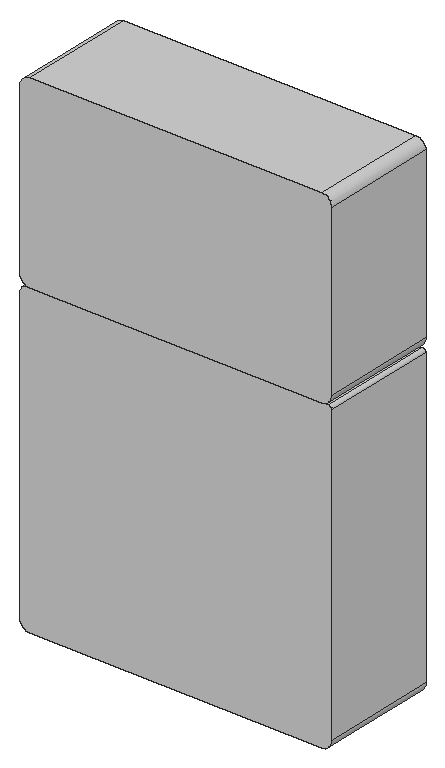
Revit family "Building-IEC309Boards-GEWISS-68QDIN-DISTRIBUTION-BOARD-14MOD_6SOCKET-OUTLETS", category Attrezzatura elettrica, host Muro, Revit 2016
Family settings
  Host = Muro
  Configurazione quadro = Due colonne, circuiti in orizzontale
  Tipo di parte = Pannello comandi
  Quota connettore circolare = Usa diametro
  Numero OmniClass = 23.80.30.11.17
  Titolo OmniClass = Distribution Boards and Control Panels
  Sempre verticale = Sì
  Taglio con vuoti quando caricato = No
  Condiviso = No
  Punto di calcolo locali = No
Parameters (values of type "GW68008N - Q-DIN 14M 6 FLANGES S.O.16/32A IP65")
  potenza = 400 V
  Voltaggio = "400V"
  Vista di pianta [instance] = yes
  Vetro = GEWISS - vetro
  Version type = "Empty"
  Version file RFA = "18.0"
  URL = "https://www.gewiss.com/ww/en"
  Thermo-pressure with ball = "70 °C"
  Technical sheet = "https://www.gewiss.com/ww/en/search?q=GW68008N"
  Struttura = GEWISS - Grigio RAL - 7035
  Simbolo Acceso [instance] = yes
  Shock resistance = "IK08"
  SEO = "Board"
  Realized by GEWISS S.p.A. = ""
  Produttore = "GEWISS S.p.A."
  Presa = GEWISS - Grigio RAL - 7035
  Operating temperature: = "-25 +40 °C"
  Offset etichetta nome quadro [instance] = 125 mm
  Numero di poli = 3
  Panel Name [instance] = "NOME"
  No. of provided blank lids = "2 IEC 16/32A"
  No. of modules EN 50022 = "14"
  Modello = "GW68008N"
  Insulation class = "II"
  Installation type = "Surface-mounting"
  Immagine tipo = GW68008N.jpg
  IP degree = "IP65"
  IFC.TypeObject = ""
  IFC.ExportType = ""
  IFC.ExportAs = ""
  IDT = "cecb3bd3-e102-49fc-acd3-cb7b24533741"
  IDF = "9b655afc-3a9b-4322-ac88-5a8dda757134"
  Houseable socket = "6 IEC 309 16/32A IP44/67"
  H_da terra = 1200 mm
  Glow Wire Test = "650°C"
  Electrocod = "2242"
  ETICHETTA NOME QUADRO [instance] = yes
  EAN code = "8011564744790"
  Distanza orizzontale del simbolo [instance] = 0 mm
  Distanza dal muro [instance] = 0 mm
  Dispersible power B (W) = "64"
  Dispersible power A (W) = "24"
  Descrizione = "Q-DIN 14M 6 FLANGES S.O.16/32A IP65"
  Colour = "Grey RAL 7035"
  Classificazione carico = Altro
  Catalogue Range = "68 QDIN"
  Catalogue = "BUILDING"
  Carico apparente = 0 VA
  Cornice simbolo [instance] = no
  COBie.Tagnumber = ""
  COBie.CreatedOn = ""
  COBie.CreatebBy = ""
  COBie.ComponentRegisterItemID = ""
  COBie.Component.TagNumber = ""
  COBie.Component.Space = ""
  COBie.Component.SerialNumber = ""
  COBie.Component.InstallationDate = ""
  COBie.Component.Description = ""
  COBie.Component.BarCode = ""
  Accordance with Standards = "EN 60208 - EN 60670-1 - IEC 60670-24"
Reference planes
  plane 1 "Muro": y = 0
  plane 2 "Centro (Sinistra/Destra)": x = 125
  plane 3 "Indietro": y = 150
  plane 4: z = 1200
  plane 5: x = 125
  plane 6: y = 275
Lines and regions (mm)
  Masking region 1, visible <- "Vista di pianta"
    outline origin (0, 0, 0) x (1, 0, 0) y (0, 1, 0)
      loop
        line (-35, 250) -> (-35, 150) -> (285, 150) -> (285, 250) -> (-35, 250)
  Masking region 2
    outline origin (125, 0, 0) x (0, 1, 0) y (0, 0, 1)
      loop
        line (150, 1200) -> (150, 1007.309) -> (270, 1007.309) -> (270, 1200) -> (150, 1200)
  Masking region 3
    outline origin (125, 0, 0) x (0, 1, 0) y (0, 0, 1)
      loop
        line (150, 690) -> (270, 690) -> (270, 1007.309) -> (150, 1007.309) -> (150, 690)
Text (mm)
  text "Lato posizionamento" at (-1848.837, 1116.779, 0), in view "Livello rif."
  text "Lato posizionamento" at (0, 1409.804, 2854.306), in view "Sinistra"
  text "Lato posizionamento" at (0, 499.811, 2980.732), in view "Destra"
Dimensions and locks
  locked: plane 3 "Indietro" to host wall
  "H_da terra": level to plane 4
  "Offset etichetta nome quadro": host wall to plane 6
  "Distanza orizzontale del simbolo": plane 5 to plane 2 "Centro (Sinistra/Destra)"
  aligned and locked: plane 1 "Muro" to host wall
  aligned and locked: plane 4 to nested 1
  aligned and locked: nested 1 to plane 3 "Indietro"
  aligned and locked: nested 2 to plane 6
  aligned and locked: plane 5 to nested 3
  aligned and locked: plane 2 "Centro (Sinistra/Destra)" to nested 4
  aligned and locked: nested 4 to plane 4
  aligned and locked: Masking region 2 sketch curve to nested 1  (x3)
  aligned and locked: nested 1 to Masking region 2 sketch curve
  aligned and locked: Masking region 3 sketch curve to nested 1  (x4)
Automatic sketch dimensions
  Masking region 1 sketch curve to host wall = 0 mm
  Masking region 1 sketch curve to plane 2 "Centro (Sinistra/Destra)" = 160 mm
  plane 2 "Centro (Sinistra/Destra)" to Masking region 1 sketch curve = 160 mm
  host wall to Masking region 1 sketch curve = 100 mm
Nested families
  nested 1: "QDIN14 QUADRO  X 6 PRESE IND" at (125, 150, 103.117) x (-1, 0, 0) z (0, 0, 1), type "QDIN14 QUADRO  X 6 PRESE IND"
  nested 2: "NOME QUADRO" at (125, 275, 0), TXT <- "Panel Name", visible <- "ETICHETTA NOME QUADRO", type "NOME QUADRO"
    with TXT "NOME"
  nested 3: "CENTRALINO" at (125, 145.331, 0), BORDO ACCESO <- "Cornice simbolo", SIMBOLO ACCESO <- "Simbolo Acceso", Distanza dal muro <- "Distanza dal muro", type "CENTRALINO"
    with SIMBOLO ACCESO yes, Distanza dal muro 0 mm, BORDO ACCESO no
  nested 4: "2D - QDIN14 QUADRO DISTRIB X6 PRESE IND" at (125, 0, 690) x (-1, 0, 0) z (0, -1, 0), type "BIDIMENSIONALE"
Connectors
  electrical at (125, 210, 690), driven by "Numero di poli", driven by "Classificazione carico", driven by "potenza", driven by "Carico apparente"
    settings: on nested 1, index 1, voltage 400 V, apparent load 0 VA, apparent load phase1 0 VA, apparent load phase2 0 VA, apparent load phase3 0 VA, power factor 1, load classification "Altro", number of poles 3, system type 31, power factor state 1, is connector primary yes, connector utility no, sub classification motor no, connector description ""
Definition of nested family "QDIN14 QUADRO  X 6 PRESE IND"
  Parameters (values of type "QDIN14 QUADRO  X 6 PRESE IND")
    Vetro = none
    Struttura = none
    Spessore = 120 mm
    Default Elevation = 14 mm
    Presa = none
    Lunghezza = 320 mm
    IFC.TypeObject = ""
    IFC.ExportType = ""
    IFC.ExportAs = ""
    H_da terra = 586.883 mm
    COBie.CreatedOn = ""
    COBie.CreatebBy = ""
    COBie.ComponentRegisterItemID = ""
    COBie.Component.TagNumber = ""
    COBie.Component.Space = ""
    COBie.Component.SerialNumber = ""
    COBie.Component.InstallationDate = ""
    COBie.Component.Description = ""
    COBie.Component.BarCode = ""
    Altezza = 510 mm
  Reference planes
    plane 1 "Centro (Fronte/Retro)": y = 0
    plane 2: z = 0
    plane 3 "Centro (Sinistra/Destra)": x = 0
    plane 4 "s": y = -100
    plane 5: z = 586.883
    plane 6: z = 1096.883
    plane 7: x = -160
    plane 8: x = 160
    plane 9: z = 904.192
    plane 10: y = -80.196
    plane 11: z = 849.973
    plane 12: x = 145.006
    plane 13: z = 613.149
    plane 14: x = -145.006
    plane 15: x = -157.597
    plane 16: x = 157.589
    plane 17: z = 939.383
    plane 18: z = 1058.347
    plane 19: y = -46.089
    plane 20: y = -87.126
    plane 21: x = 2.5
    plane 22: x = -2.5
    plane 23: z = 754.991
    plane 24: z = 719.092
  Forms (mm)
    Extrusion 1, solid, material <- "Struttura"
      sketch origin (0, 0, 0) x (1, 0, 0) y (0, 0, 1)
        loop
          arc (-150, 1096.883) -> (-157.071, 1093.954) -> (-160, 1086.883) r 10
          line (-160, 1086.883) -> (-160, 914.192)
          arc (-160, 914.192) -> (-157.071, 907.121) -> (-150, 904.192) r 10
          line (-150, 904.192) -> (150, 904.192)
          arc (150, 904.192) -> (157.071, 907.121) -> (160, 914.192) r 10
          line (160, 914.192) -> (160, 1086.883)
          arc (160, 1086.883) -> (157.071, 1093.954) -> (150, 1096.883) r 10
          line (150, 1096.883) -> (-150, 1096.883)
      from 0 to 120
    Extrusion 2, solid, material <- "Struttura"
      sketch origin (0, 0, 0) x (1, 0, 0) y (0, 0, 1)
        loop
          line (152.45, 904.192) -> (-156.38, 904.192)
          arc (-156.38, 904.192) -> (-158.94, 903.132) -> (-160, 900.572) r 3.62
          line (-160, 900.572) -> (-160, 596.883)
          arc (-160, 596.883) -> (-157.071, 589.812) -> (-150, 586.883) r 10
          line (-150, 586.883) -> (150, 586.883)
          arc (150, 586.883) -> (157.071, 589.812) -> (160, 596.883) r 10
          line (160, 596.883) -> (160, 896.641)
          arc (160, 896.641) -> (157.789, 901.98) -> (152.45, 904.192) r 7.55
      from 0 to 120
    Extrusion 3, void
      sketch origin (0, 0, 0) x (1, 0, 0) y (0, 0, 1)
        loop
          line (-157.597, 1058.347) -> (-157.597, 939.383) -> (157.589, 939.383) -> (157.589, 1058.347) -> (-157.597, 1058.347)
      from 46.089 to 120
    Extrusion 4, solid, material <- "Vetro", detail levels fine
      sketch origin (0, 0, 0) x (1, 0, 0) y (0, 0, 1)
        loop
          line (-157.597, 1058.347) -> (-157.597, 939.383) -> (157.589, 939.383) -> (157.589, 1058.347) -> (-157.597, 1058.347)
      from 87.126 to 120.5
    Extrusion 5, solid, material <- "Struttura", detail levels fine
      sketch origin (-545.289, 0, 0) x (1, 0, 0) y (0, 0, 1)
        loop
          arc (410.735, 849.973) -> (403.344, 846.911) -> (400.283, 839.521) r 10.452
          line (400.283, 839.521) -> (400.283, 765.443)
          arc (400.283, 765.443) -> (403.344, 758.053) -> (410.735, 754.991) r 10.452
          line (410.735, 754.991) -> (468.08, 754.991)
          arc (468.08, 754.991) -> (475.47, 758.053) -> (478.532, 765.443) r 10.452
          line (478.532, 765.443) -> (478.532, 839.521)
          arc (478.532, 839.521) -> (475.47, 846.911) -> (468.08, 849.973) r 10.452
          line (468.08, 849.973) -> (410.735, 849.973)
        loop
          arc (512.827, 849.973) -> (505.437, 846.911) -> (502.375, 839.521) r 10.452
          line (502.375, 839.521) -> (502.375, 765.443)
          arc (502.375, 765.443) -> (505.437, 758.053) -> (512.827, 754.991) r 10.452
          line (512.827, 754.991) -> (571.925, 754.991)
          arc (571.925, 754.991) -> (579.315, 758.053) -> (582.377, 765.443) r 10.452
          line (582.377, 765.443) -> (582.377, 839.521)
          arc (582.377, 839.521) -> (579.315, 846.911) -> (571.925, 849.973) r 10.452
          line (571.925, 849.973) -> (512.827, 849.973)
        loop
          arc (616.672, 849.973) -> (609.282, 846.911) -> (606.22, 839.521) r 10.452
          line (606.22, 839.521) -> (606.22, 765.443)
          arc (606.22, 765.443) -> (609.282, 758.053) -> (616.672, 754.991) r 10.452
          line (616.672, 754.991) -> (679.843, 754.991)
          arc (679.843, 754.991) -> (687.234, 758.053) -> (690.295, 765.443) r 10.452
          line (690.295, 765.443) -> (690.295, 839.521)
          arc (690.295, 839.521) -> (687.234, 846.911) -> (679.843, 849.973) r 10.452
          line (679.843, 849.973) -> (616.672, 849.973)
        loop
          arc (616.672, 719.092) -> (609.282, 716.031) -> (606.22, 708.64) r 10.452
          line (606.22, 708.64) -> (606.22, 634.563)
          arc (606.22, 634.563) -> (609.282, 627.172) -> (616.672, 624.111) r 10.452
          line (616.672, 624.111) -> (679.843, 624.111)
          arc (679.843, 624.111) -> (687.234, 627.172) -> (690.295, 634.563) r 10.452
          line (690.295, 634.563) -> (690.295, 708.64)
          arc (690.295, 708.64) -> (687.234, 716.031) -> (679.843, 719.092) r 10.452
          line (679.843, 719.092) -> (616.672, 719.092)
        loop
          arc (512.827, 719.092) -> (505.437, 716.031) -> (502.375, 708.64) r 10.452
          line (502.375, 708.64) -> (502.375, 634.563)
          arc (502.375, 634.563) -> (505.437, 627.172) -> (512.827, 624.111) r 10.452
          line (512.827, 624.111) -> (571.925, 624.111)
          arc (571.925, 624.111) -> (579.315, 627.172) -> (582.377, 634.563) r 10.452
          line (582.377, 634.563) -> (582.377, 708.64)
          arc (582.377, 708.64) -> (579.315, 716.031) -> (571.925, 719.092) r 10.452
          line (571.925, 719.092) -> (512.827, 719.092)
        loop
          arc (410.735, 719.092) -> (403.344, 716.031) -> (400.283, 708.64) r 10.452
          line (400.283, 708.64) -> (400.283, 634.563)
          arc (400.283, 634.563) -> (403.344, 627.172) -> (410.735, 624.111) r 10.452
          line (410.735, 624.111) -> (468.08, 624.111)
          arc (468.08, 624.111) -> (475.47, 627.172) -> (478.532, 634.563) r 10.452
          line (478.532, 634.563) -> (478.532, 708.64)
          arc (478.532, 708.64) -> (475.47, 716.031) -> (468.08, 719.092) r 10.452
          line (468.08, 719.092) -> (410.735, 719.092)
      from 119 to 122
  Cuts and joins
    Extrusion 3 cuts Extrusion 1
  Dimensions and locks
    plane 4 "s" to plane 1 "Centro (Fronte/Retro)" = 100 mm  (x2)
    "H_da terra": plane 5 to level
    equal spacing: plane 7, plane 3 "Centro (Sinistra/Destra)", plane 8
    "Lunghezza": plane 7 to plane 8
    locked: plane 4 "s" to plane 10 at 19.804
    locked: plane 12 to plane 8 at 14.994
    locked: plane 13 to plane 5 at 26.266
    locked: plane 14 to plane 7 at 14.994
    locked: plane 6 to plane 18 at 38.537
    locked: plane 17 to plane 9 at 35.191
    locked: plane 7 to plane 15 at 2.403
    locked: plane 16 to plane 8 at 2.411
    locked: plane 4 "s" to plane 19 at 53.911
    locked: plane 4 "s" to plane 20 at 12.874
    locked: plane 9 to plane 11 at 54.219
    "Altezza": plane 6 to plane 5
    locked: plane 18 to plane 17 at 118.963
    equal spacing: plane 21, plane 3 "Centro (Sinistra/Destra)", plane 22
    plane 21 to plane 22 = 5 mm
    plane 23 to plane 24 = 35.899 mm
    aligned and locked: level to plane 2
    aligned and locked: Extrusion 1 sketch curve to plane 6
    aligned and locked: Extrusion 1 sketch curve to plane 8
    aligned and locked: Extrusion 1 sketch curve to plane 7
    aligned and locked: plane 9 to Extrusion 1 sketch curve
    aligned and locked: Extrusion 2 sketch curve to plane 9
    aligned and locked: Extrusion 2 sketch curve to plane 8
    aligned and locked: Extrusion 2 sketch curve to plane 7
    aligned and locked: Extrusion 2 sketch curve to plane 5
    aligned and locked: Extrusion 3 sketch curve to plane 18
    aligned and locked: plane 16 to Extrusion 3 sketch curve
    aligned and locked: plane 15 to Extrusion 3 sketch curve
    aligned and locked: Extrusion 3 sketch curve to plane 17
    aligned and locked: plane 19 to cut or joined group of Extrusion 1, Extrusion 3
    aligned and locked: Extrusion 4 sketch curve to plane 18
    aligned and locked: plane 16 to Extrusion 4 sketch curve
    aligned and locked: Extrusion 4 sketch curve to plane 17
    aligned and locked: plane 15 to Extrusion 4 sketch curve
    aligned and locked: plane 20 to Extrusion 4
    aligned and locked: Extrusion 5 to plane 14  (x2)
    aligned and locked: plane 12 to Extrusion 5  (x2)
  Automatic sketch dimensions
    Extrusion 1 sketch curve to Extrusion 1 sketch curve = 10 mm  (x2)
    Extrusion 1 sketch curve to plane 7 = 10 mm
    plane 8 to Extrusion 1 sketch curve = 10 mm
    Extrusion 2 sketch curve to Extrusion 2 sketch curve = 3.62 mm
    Extrusion 2 sketch curve to plane 7 = 10 mm
    Extrusion 2 sketch curve to Extrusion 2 sketch curve = 10 mm
    plane 8 to Extrusion 2 sketch curve = 7.55 mm
    Extrusion 5 sketch curve to plane 11 = 0 mm  (x3)
    Extrusion 5 sketch curve to plane 23 = 0 mm  (x3)
    plane 23 to Extrusion 5 sketch curve = 10.452 mm  (x2)
    plane 8 to Extrusion 5 sketch curve = 305.006 mm
    Extrusion 5 sketch curve to Extrusion 5 sketch curve = 10.452 mm  (x13)
    Extrusion 5 sketch curve to Extrusion 5 sketch curve = 57.345 mm  (x2)
    Extrusion 5 sketch curve to Extrusion 5 sketch curve = 23.843 mm  (x2)
    Extrusion 5 sketch curve to Extrusion 5 sketch curve = 59.097 mm  (x2)
    Extrusion 5 sketch curve to Extrusion 5 sketch curve = 63.171 mm  (x3)
    Extrusion 5 sketch curve to plane 11 = 10.452 mm
    Extrusion 5 sketch curve to plane 24 = 0 mm  (x3)
    Extrusion 5 sketch curve to plane 24 = 10.452 mm  (x4)
    plane 13 to Extrusion 5 sketch curve = 10.962 mm  (x2)
    Extrusion 5 sketch curve to Extrusion 5 sketch curve = 0 mm
    plane 13 to Extrusion 5 sketch curve = 21.414 mm  (x2)
    Extrusion 5 sketch curve to Extrusion 5 sketch curve = 34.295 mm  (x2)
    Extrusion 5 sketch curve to Extrusion 5 sketch curve = 34.296 mm  (x2)
Definition of nested family "NOME QUADRO"
  Parameters (values of type "NOME QUADRO")
    TXT [instance] = ""
  Reference planes
    plane 1: y = 0
    plane 2: x = 0
  Text (mm)
    label "NOME QUADRO" at (0.217, 0.029, 0), shows "TXT"
Definition of nested family "CENTRALINO"
  Parameters (values of type "CENTRALINO")
    SIMBOLO ACCESO [instance] = yes
    Distanza dal muro [instance] = 0 mm
    BORDO ACCESO [instance] = yes
  Reference planes
    plane 1: y = 0
    plane 2: x = 0
  Dimensions and locks
    "Distanza dal muro": plane 1 to nested 1
    aligned and locked: plane 2 to nested 1
  Nested families
    nested 1: "CENTRALINO_BASE" at (0, 0, 0), BORDO ACCESO <- "BORDO ACCESO", visible <- "SIMBOLO ACCESO", type "CENTRALINO"
      with BORDO ACCESO yes
  Definition of nested family "CENTRALINO_BASE"
    Parameters (values of type "CENTRALINO")
      Distanza dal muro = 0 mm
      BORDO ACCESO [instance] = yes
    Reference planes
      plane 1: y = 0
      plane 2: x = 0
    Lines and regions (mm)
      detail lines, visible <- "BORDO ACCESO", not visible
        curve 1: line (-2.443, 10.208, 0) -> (2.057, 10.208, 0)
        curve 2: line (2.057, 10.208, 0) -> (2.057, 4.208, 0)
        curve 3: line (2.057, 4.208, 0) -> (-2.443, 4.208, 0)
        curve 4: line (-2.443, 4.208, 0) -> (-2.443, 10.208, 0)
        curve 5: line (-2.043, 9.808, 0) -> (1.657, 9.808, 0)
        curve 6: line (1.657, 9.808, 0) -> (1.657, 4.608, 0)
        curve 7: line (1.657, 4.608, 0) -> (-2.043, 4.608, 0)
        curve 8: line (-2.043, 4.608, 0) -> (-2.043, 9.808, 0)
      detail lines
        curve 9: line (0, 0.905, 0) -> (0, 0.235, 0)
        curve 10: line (0.659, 0.905, 0) -> (0.659, 1.564, 0)
        curve 11: line (0.659, 1.564, 0) -> (-0.659, 1.564, 0)
        curve 12: line (-0.659, 1.564, 0) -> (-0.659, 0.905, 0)
        curve 13: line (-0.659, 0.905, 0) -> (0.659, 0.905, 0)
        curve 14: line (0.497, 1.564, 0) -> (0.497, 2.235, 0)
        curve 15: line (0.167, 1.564, 0) -> (0.167, 2.235, 0)
        curve 16: line (-0.162, 1.564, 0) -> (-0.162, 2.235, 0)
        curve 17: line (-0.491, 1.564, 0) -> (-0.491, 2.235, 0)
Definition of nested family "2D - QDIN14 QUADRO DISTRIB X6 PRESE IND"
  Reference planes
    plane 1 "Centro (Fronte/Retro)": y = 0
    plane 2: z = 0
    plane 3 "Centro (Sinistra/Destra)": x = 0
  Lines and regions (mm)
    model lines, in view "Livello rif."
      curve 1: arc (6.35, 322.154, 0) -> (-0.01, 340.917, 0) -> (-6.295, 322.129, 0) r 10.452
      curve 2: arc (-144, 510, 0) -> (-152.842, 507.335, 0) -> (-158.738, 500.228, 0) r 16
      curve 3: arc (158.738, 500.228, 0) -> (152.842, 507.335, 0) -> (144, 510, 0) r 16
      curve 4: arc (-54.177, 349.194, 0) -> (-55.145, 348.27, 0) -> (-55.5, 346.979, 0) r 2.509
      curve 5: arc (-35, 353.996, 0) -> (-44.884, 352.778, 0) -> (-54.177, 349.194, 0) r 40.677
      curve 6: arc (54.177, 349.194, 0) -> (44.884, 352.778, 0) -> (35, 353.996, 0) r 40.677
      curve 7: arc (55.5, 346.96, 0) -> (55.15, 348.262, 0) -> (54.177, 349.194, 0) r 2.509
      curve 8: arc (-55.487, 336.648, 0) -> (-55.28, 335.647, 0) -> (-54.691, 334.811, 0) r 2.513
      curve 9: arc (144, 0, 0) -> (155.314, 4.686, 0) -> (160, 16, 0) r 16
      curve 10: arc (-160, 16, 0) -> (-155.314, 4.686, 0) -> (-144, 0, 0) r 16
      curve 11: arc (-158.738, 500.228, 0) -> (-159.681, 497.177, 0) -> (-160, 494, 0) r 16
      curve 12: arc (160, 494, 0) -> (159.681, 497.177, 0) -> (158.738, 500.228, 0) r 16
      curve 13: line (-144, 0, 0) -> (144, 0, 0)
      curve 14: line (160, 494, 0) -> (159.945, 487.827, 0)
      curve 15: line (160, 487.772, 0) -> (160, 16, 0)
      curve 16: line (-160, 22.228, 0) -> (-160, 278.772, 0)
      curve 17: line (-144, 510, 0) -> (144, 510, 0)
      curve 18: line (-35, 353.996, 0) -> (35, 353.996, 0)
      curve 19: line (141.8, 440.164, 0) -> (-141.8, 440.164, 0)
      curve 20: line (-55.5, 336.248, 0) -> (-55.5, 346.979, 0)
      curve 21: line (-141.8, 320.157, 0) -> (-141.8, 440.164, 0)
      curve 22: line (55.243, 334.318, 0) -> (55.5, 346.96, 0)
      curve 23: line (141.8, 440.164, 0) -> (141.8, 320.157, 0)
      curve 24: line (-141.8, 342.498, 0) -> (141.8, 342.498, 0)
      curve 25: line (-141.8, 320.157, 0) -> (141.8, 320.157, 0)
      curve 26: line (-10.187, 328.173, 0) -> (-34.987, 328.173, 0)
      curve 27: line (35.013, 328.173, 0) -> (10.208, 328.173, 0)
      curve 28: line (-144, 0, 0) -> (144, 0, 0)
      curve 29: line (-160, 494, 0) -> (-160, 16, 0)
      curve 30: line (-126, 417.5, 0) -> (126, 417.5, 0)
      curve 31: line (126, 417.5, 0) -> (126, 372.5, 0)
      curve 32: line (126, 372.5, 0) -> (-126, 372.5, 0)
      curve 33: line (-126, 372.5, 0) -> (-126, 417.5, 0)
      curve 34: line (-160, 291.228, 0) -> (-160, 487.772, 0)
      curve 35: line (6.285, 322.191, 0) -> (5.677, 321.891, 0)
      curve 36: line (5.677, 321.891, 0) -> (5.039, 321.656, 0)
      curve 37: line (5.039, 321.656, 0) -> (4.38, 321.487, 0)
      curve 38: line (4.38, 321.487, 0) -> (3.707, 321.385, 0)
      curve 39: line (3.707, 321.385, 0) -> (3.023, 321.351, 0)
      curve 40: line (3.023, 321.351, 0) -> (-2.998, 321.351, 0)
      curve 41: line (-2.998, 321.351, 0) -> (-3.596, 321.377, 0)
      curve 42: line (-3.596, 321.377, 0) -> (-4.188, 321.455, 0)
      curve 43: line (-4.188, 321.455, 0) -> (-4.77, 321.585, 0)
      curve 44: line (-4.77, 321.585, 0) -> (-5.338, 321.766, 0)
      curve 45: line (-5.338, 321.766, 0) -> (-5.807, 321.96, 0)
      curve 46: line (-5.807, 321.96, 0) -> (-6.259, 322.191, 0)
      curve 47: line (54.791, 334.487, 0) -> (54.731, 334.324, 0)
      curve 48: line (54.731, 334.324, 0) -> (54.637, 334.158, 0)
      curve 49: line (54.637, 334.158, 0) -> (54.517, 333.994, 0)
      curve 50: line (54.517, 333.994, 0) -> (54.385, 333.851, 0)
      curve 51: line (54.385, 333.851, 0) -> (54.169, 333.68, 0)
      curve 52: line (54.169, 333.68, 0) -> (53.046, 333.012, 0)
      curve 53: line (53.046, 333.012, 0) -> (51.897, 332.382, 0)
      curve 54: line (51.897, 332.382, 0) -> (50.563, 331.715, 0)
      curve 55: line (50.563, 331.715, 0) -> (49.2, 331.1, 0)
      curve 56: line (49.2, 331.1, 0) -> (47.811, 330.539, 0)
      curve 57: line (47.811, 330.539, 0) -> (46.749, 330.155, 0)
      curve 58: line (46.749, 330.155, 0) -> (45.678, 329.803, 0)
      curve 59: line (45.678, 329.803, 0) -> (44.603, 329.487, 0)
      curve 60: line (44.603, 329.487, 0) -> (43.252, 329.14, 0)
      curve 61: line (43.252, 329.14, 0) -> (41.889, 328.845, 0)
      curve 62: line (41.889, 328.845, 0) -> (40.515, 328.602, 0)
      curve 63: line (40.515, 328.602, 0) -> (39.131, 328.413, 0)
      curve 64: line (39.131, 328.413, 0) -> (37.76, 328.28, 0)
      curve 65: line (37.76, 328.28, 0) -> (36.385, 328.199, 0)
      curve 66: line (36.385, 328.199, 0) -> (35.013, 328.173, 0)
      curve 67: line (-54.772, 334.515, 0) -> (-54.718, 334.353, 0)
      curve 68: line (-54.718, 334.353, 0) -> (-54.63, 334.187, 0)
      curve 69: line (-54.63, 334.187, 0) -> (-54.514, 334.022, 0)
      curve 70: line (-54.514, 334.022, 0) -> (-54.383, 333.874, 0)
      curve 71: line (-54.383, 333.874, 0) -> (-54.143, 333.68, 0)
      curve 72: line (-54.143, 333.68, 0) -> (-53.02, 333.012, 0)
      curve 73: line (-53.02, 333.012, 0) -> (-51.872, 332.382, 0)
      curve 74: line (-51.872, 332.382, 0) -> (-50.538, 331.715, 0)
      curve 75: line (-50.538, 331.715, 0) -> (-49.175, 331.1, 0)
      curve 76: line (-49.175, 331.1, 0) -> (-47.785, 330.539, 0)
      curve 77: line (-47.785, 330.539, 0) -> (-46.723, 330.155, 0)
      curve 78: line (-46.723, 330.155, 0) -> (-45.652, 329.803, 0)
      curve 79: line (-45.652, 329.803, 0) -> (-44.577, 329.487, 0)
      curve 80: line (-44.577, 329.487, 0) -> (-43.226, 329.14, 0)
      curve 81: line (-43.226, 329.14, 0) -> (-41.864, 328.845, 0)
      curve 82: line (-41.864, 328.845, 0) -> (-40.489, 328.602, 0)
      curve 83: line (-40.489, 328.602, 0) -> (-39.105, 328.413, 0)
      curve 84: line (-39.105, 328.413, 0) -> (-37.734, 328.28, 0)
      curve 85: line (-37.734, 328.28, 0) -> (-36.36, 328.199, 0)
      curve 86: line (-36.36, 328.199, 0) -> (-34.987, 328.173, 0)
      curve 87: arc (143.845, 252.637, 0) -> (140.783, 260.028, 0) -> (133.393, 263.089, 0) r 10.452
      curve 88: arc (133.393, 168.108, 0) -> (140.783, 171.169, 0) -> (143.845, 178.56, 0) r 10.452
      curve 89: arc (63.843, 178.56, 0) -> (66.904, 171.169, 0) -> (74.295, 168.108, 0) r 10.452
      curve 90: arc (74.295, 263.089, 0) -> (66.904, 260.028, 0) -> (63.843, 252.637, 0) r 10.452
      curve 91: line (63.843, 178.56, 0) -> (63.843, 252.637, 0)
      curve 92: line (74.295, 263.089, 0) -> (133.393, 263.089, 0)
      curve 93: line (143.845, 252.637, 0) -> (143.845, 178.56, 0)
      curve 94: circle (74.157, 177.233, 0) r 3.106 normal (0, 0, 1)
      curve 95: circle (74.157, 253.739, 0) r 3.106 normal (0, 0, 1)
      curve 96: circle (133.587, 176.783, 0) r 3.106 normal (0, 0, 1)
      curve 97: circle (133.587, 253.289, 0) r 3.106 normal (0, 0, 1)
      curve 98: line (74.295, 168.108, 0) -> (133.393, 168.108, 0)
      curve 99: arc (40, 252.637, 0) -> (36.938, 260.028, 0) -> (29.548, 263.089, 0) r 10.452
      curve 100: arc (29.548, 168.108, 0) -> (36.938, 171.169, 0) -> (40, 178.56, 0) r 10.452
      curve 101: arc (-40.002, 178.56, 0) -> (-36.941, 171.169, 0) -> (-29.55, 168.108, 0) r 10.452
      curve 102: arc (-29.55, 263.089, 0) -> (-36.941, 260.028, 0) -> (-40.002, 252.637, 0) r 10.452
      curve 103: line (-40.002, 178.56, 0) -> (-40.002, 252.637, 0)
      curve 104: line (-29.55, 263.089, 0) -> (29.548, 263.089, 0)
      curve 105: line (40, 252.637, 0) -> (40, 178.56, 0)
      curve 106: circle (-29.688, 177.233, 0) r 3.106 normal (0, 0, 1)
      curve 107: circle (-29.688, 253.739, 0) r 3.106 normal (0, 0, 1)
      curve 108: circle (29.742, 176.783, 0) r 3.106 normal (0, 0, 1)
      curve 109: circle (29.742, 253.289, 0) r 3.106 normal (0, 0, 1)
      curve 110: line (-29.55, 168.108, 0) -> (29.548, 168.108, 0)
      curve 111: arc (-63.845, 252.637, 0) -> (-66.907, 260.028, 0) -> (-74.297, 263.089, 0) r 10.452
      curve 112: arc (-74.297, 168.108, 0) -> (-66.907, 171.169, 0) -> (-63.845, 178.56, 0) r 10.452
      curve 113: arc (-143.847, 178.56, 0) -> (-140.786, 171.169, 0) -> (-133.395, 168.108, 0) r 10.452
      curve 114: arc (-133.395, 263.089, 0) -> (-140.786, 260.028, 0) -> (-143.847, 252.637, 0) r 10.452
      curve 115: line (-143.847, 178.56, 0) -> (-143.847, 252.637, 0)
      curve 116: line (-133.395, 263.089, 0) -> (-74.297, 263.089, 0)
      curve 117: line (-63.845, 252.637, 0) -> (-63.845, 178.56, 0)
      curve 118: circle (-133.533, 177.233, 0) r 3.106 normal (0, 0, 1)
      curve 119: circle (-133.533, 253.739, 0) r 3.106 normal (0, 0, 1)
      curve 120: circle (-74.104, 176.783, 0) r 3.106 normal (0, 0, 1)
      curve 121: circle (-74.104, 253.289, 0) r 3.106 normal (0, 0, 1)
      curve 122: line (-133.395, 168.108, 0) -> (-74.297, 168.108, 0)
      curve 123: arc (-63.845, 121.757, 0) -> (-66.907, 129.148, 0) -> (-74.297, 132.209, 0) r 10.452
      curve 124: arc (-74.297, 37.228, 0) -> (-66.907, 40.289, 0) -> (-63.845, 47.68, 0) r 10.452
      curve 125: arc (-143.847, 47.68, 0) -> (-140.786, 40.289, 0) -> (-133.395, 37.228, 0) r 10.452
      curve 126: arc (-133.395, 132.209, 0) -> (-140.786, 129.148, 0) -> (-143.847, 121.757, 0) r 10.452
      curve 127: line (-143.847, 47.68, 0) -> (-143.847, 121.757, 0)
      curve 128: line (-133.395, 132.209, 0) -> (-74.297, 132.209, 0)
      curve 129: line (-63.845, 121.757, 0) -> (-63.845, 47.68, 0)
      curve 130: circle (-133.533, 46.352, 0) r 3.106 normal (0, 0, 1)
      curve 131: circle (-133.533, 122.859, 0) r 3.106 normal (0, 0, 1)
      curve 132: circle (-74.104, 45.903, 0) r 3.106 normal (0, 0, 1)
      curve 133: circle (-74.104, 122.409, 0) r 3.106 normal (0, 0, 1)
      curve 134: line (-133.395, 37.228, 0) -> (-74.297, 37.228, 0)
      curve 135: arc (40, 121.757, 0) -> (36.938, 129.148, 0) -> (29.548, 132.209, 0) r 10.452
      curve 136: arc (29.548, 37.228, 0) -> (36.938, 40.289, 0) -> (40, 47.68, 0) r 10.452
      curve 137: arc (-40.002, 47.68, 0) -> (-36.941, 40.289, 0) -> (-29.55, 37.228, 0) r 10.452
      curve 138: arc (-29.55, 132.209, 0) -> (-36.941, 129.148, 0) -> (-40.002, 121.757, 0) r 10.452
      curve 139: line (-40.002, 47.68, 0) -> (-40.002, 121.757, 0)
      curve 140: line (-29.55, 132.209, 0) -> (29.548, 132.209, 0)
      curve 141: line (40, 121.757, 0) -> (40, 47.68, 0)
      curve 142: circle (-29.688, 46.352, 0) r 3.106 normal (0, 0, 1)
      curve 143: circle (-29.688, 122.859, 0) r 3.106 normal (0, 0, 1)
      curve 144: circle (29.742, 45.903, 0) r 3.106 normal (0, 0, 1)
      curve 145: circle (29.742, 122.409, 0) r 3.106 normal (0, 0, 1)
      curve 146: line (-29.55, 37.228, 0) -> (29.548, 37.228, 0)
      curve 147: arc (143.845, 121.757, 0) -> (140.783, 129.148, 0) -> (133.393, 132.209, 0) r 10.452
      curve 148: arc (133.393, 37.228, 0) -> (140.783, 40.289, 0) -> (143.845, 47.68, 0) r 10.452
      curve 149: arc (63.843, 47.68, 0) -> (66.904, 40.289, 0) -> (74.295, 37.228, 0) r 10.452
      curve 150: arc (74.295, 132.209, 0) -> (66.904, 129.148, 0) -> (63.843, 121.757, 0) r 10.452
      curve 151: line (63.843, 47.68, 0) -> (63.843, 121.757, 0)
      curve 152: line (74.295, 132.209, 0) -> (133.393, 132.209, 0)
      curve 153: line (143.845, 121.757, 0) -> (143.845, 47.68, 0)
      curve 154: circle (74.157, 46.352, 0) r 3.106 normal (0, 0, 1)
      curve 155: circle (74.157, 122.859, 0) r 3.106 normal (0, 0, 1)
      curve 156: circle (133.587, 45.903, 0) r 3.106 normal (0, 0, 1)
      curve 157: circle (133.587, 122.409, 0) r 3.106 normal (0, 0, 1)
      curve 158: line (74.295, 37.228, 0) -> (133.393, 37.228, 0)
